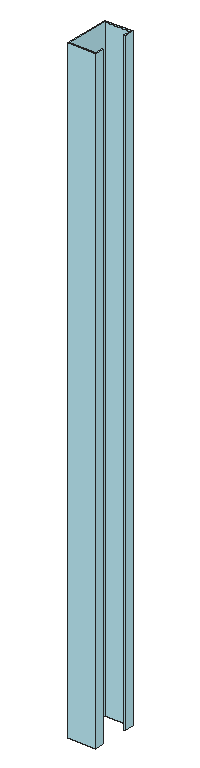
Revit family "lg75x45x15x2-3", category 機械設備, Revit 2022
Family settings
  丸型コネクタ寸法 = 直径を使用
  種別 = なし
  パーツ タイプ = 標準
  作業面ベース = いいえ
  常に垂直 = はい
  ロード時にボイドで切り取り = いいえ
  注釈の向きを維持 = いいえ
  共有 = いいえ
  部屋計算ポイント = いいえ
Parameters
  製造元 = "株式会社桐井製作所"
  既定の高さ = 0 mm
  URL = "https://www.kirii.co.jp/"
  K_長さ(mm) [instance] = 1000 mm
  K_材質 = "SSC400"
  K_断面積A(mm2) = 413.7
  K_断面係数Zy(mm3) = 4202
  K_断面係数Zx(mm3) = 9896
  K_断面2次半径iy(mm) = 16.8
  K_断面2次半径ix(mm) = 30
  K_断面2次モーメントIy(mm4) = 117000
  K_断面2次モーメントIx(mm4) = 371100
  K_外形寸法(mm) = "75×45×15×2.3"
  K_品名 = "(JIS)75×45×15×2.3"
  K_名称 = "補強材"
  K_単位質量(kg/m) = 3.281
  K_ヤング係数E(N/mm2) = 205000
  K_バージョン情報 = "20210524"
  K_めっき付着量 = "Z12"
  K_JIS規格 = "JIS G 3350"
Reference planes
  plane 1 "中心(正面/背面)": y = 0
  plane 2: z = 0
  plane 3 "中心(左/右)": x = 0
  plane 4: z = 1000
  plane 5: y = 75
Forms (mm)
  Extrusion 1, solid
    sketch origin (0, 0, 0) x (1, 0, 0) y (0, 1, 0)
      loop
        line (0, 0) -> (45, 0) -> (45, 15) -> (42.7, 15) -> (42.7, 2.3) -> (2.3, 2.3) -> (2.3, 72.7) -> (42.7, 72.7) -> (42.7, 60) -> (45, 60) -> (45, 75) -> (0, 75) -> (0, 0)
    from 0 to 1000
Dimensions and locks
  "K_長さ(mm)": plane 4 to plane 2
  aligned and locked: level to plane 2
  aligned and locked: plane 4 to Extrusion 1
  aligned and locked: plane 5 to Extrusion 1
Automatic sketch dimensions
  Extrusion 1 sketch curve to plane 3 "中心(左/右)" = 0 mm
  plane 1 "中心(正面/背面)" to Extrusion 1 sketch curve = 0 mm
  plane 3 "中心(左/右)" to Extrusion 1 sketch curve = 2.3 mm
  Extrusion 1 sketch curve to plane 1 "中心(正面/背面)" = 2.3 mm
  Extrusion 1 sketch curve to Extrusion 1 sketch curve = 2.3 mm  (x3)
  Extrusion 1 sketch curve to Extrusion 1 sketch curve = 12.7 mm  (x2)
  Extrusion 1 sketch curve to Extrusion 1 sketch curve = 45 mm
  Extrusion 1 sketch curve to Extrusion 1 sketch curve = 40.4 mm  (x2)
